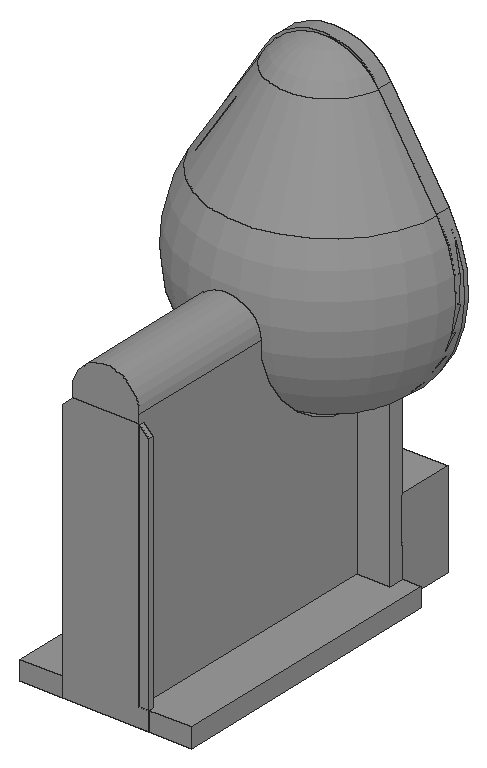
Revit family "ETW-1490-FM-FA_Toilet-Willoughby-1490-ETW-FM-BS", category Plumbing Fixtures, host Face, Revit 2015
Parameters (values of type "Standard")
  Waste DIA = 2 1/4"
  Waste Connection = yes
  W-RAD [instance] = Waste DIA / 2  # 0' - 1 1/8"
  Vent Connection = no
  URL = "www.willoughby-ind.com"
  Type Comments = "Blow Out Flush"
  Revision = "A"
  Model = "ETW-1490-FM-BS-FA-1.28"
  Manufacturer = "Willoughby Industries"
  HW Connection = no
  Flush inlet DIA = 1 1/2"
  Flush Inlet Connection = yes
  Fixture Body = Stainless Steel AISI 304-Willoughby
  F-RAD [instance] = Flush inlet DIA / 2  # 0' - 0 3/4"
  Description = "Front Access Toilet"
  Default Elevation = 0' - 0"
  Contact Number = "(800) 428-4065"
  CW Connection = no
Reference planes (in)
  plane 1 "Base": y = -16.25
  plane 2: z = 0
  plane 3 "Center": x = 18.31072
  plane 4 "Waste height": y = -4.75
  plane 5: y = -1.25
  plane 6: z = -6.75
  plane 7: y = -2.125
  plane 8: y = -14.0625
  plane 9: y = 0.5
  plane 10: x = 16.56072
  plane 11: x = 20.06072
  plane 12: x = 11.56072
  plane 13: x = 25.06072
Forms (in)
  Extrusion 1, solid, material "Stainless Steel AISI 304-Willoughby" <- "Fixture Body"
    sketch origin (16.08109, 7.47968, -7.1422) x (-1, 0, 0) y (0, 0, -1)
      loop
        line (1.29775, -16.80087) -> (1.29775, -7.1422) -> (-5.72963, -7.1422) -> (-5.72963, -16.81676)
        arc (-5.72963, -16.81676) -> (-8.98136, -21.11843) -> (-8.21015, -26.45542) r 7
        line (-8.21015, -26.45542) -> (-5.16818, -31.31054)
        arc (-5.16818, -31.31054) -> (-2.20225, -32.95225) -> (0.76368, -31.31054) r 3.5
        line (0.76368, -31.31054) -> (3.80565, -26.45542)
        arc (3.80565, -26.45542) -> (4.5729, -21.10311) -> (1.29775, -16.80087) r 7
      loop
        arc (2.03989, -24.70557) -> (-2.20225, -18.23804) -> (-6.44438, -24.70557) r 4.625
        line (-6.44438, -24.70557) -> (-4.04125, -30.23842)
        arc (-4.04125, -30.23842) -> (-2.20225, -31.45225) -> (-0.36324, -30.23842) r 2
        line (-0.36324, -30.23842) -> (2.03989, -24.70557)
    from 8.72968 to 9.5
  Revolve 2, solid, material "Stainless Steel AISI 304-Willoughby" <- "Fixture Body"
    sketch origin (19.37246, -1.52032, -3.93826) x (-1, 0, 0) y (0, 0, -1)
      loop
        line (1.06174, -12.59906) -> (1.06174, -12.84906)
        arc (1.06174, -12.84906) -> (6.96784, -16.33096) -> (6.78077, -23.18447) r 6.75
        line (6.78077, -23.18447) -> (3.81535, -27.91457)
        arc (3.81535, -27.91457) -> (2.63527, -29.03194) -> (1.06174, -29.43826) r 3.25
        line (1.06174, -29.43826) -> (1.06174, -29.68826)
        arc (1.06174, -29.68826) -> (2.75672, -29.25045) -> (4.02767, -28.04656) r 3.5
        line (4.02767, -28.04656) -> (7.06964, -23.19143)
        arc (7.06964, -23.19143) -> (7.15052, -16.14555) -> (1.06174, -12.59906) r 7
      axis (1.06174, -12.59906) -> (1.06174, -29.68826)
    angle from 0 to -180
  Extrusion 3, solid, material "Stainless Steel AISI 304-Willoughby" <- "Fixture Body"
    sketch origin (19.53334, -3.02032, -4.9508) x (0, 1, 0) y (0, 0, 1)
      loop
        line (-5.27082, 4.9508) -> (1, 4.9508) -> (1, 13.76086)
        arc (1, 13.76086) -> (-2.93256, 15.26109) -> (-5.27082, 18.76086) r 6.92744
        line (-5.27082, 18.76086) -> (-5.27082, 4.9508)
    from 0.52738 to -2.97262
  Extrusion 4, solid, material "Stainless Steel AISI 304-Willoughby" <- "Fixture Body"
    sketch origin (0, 14.59309, -3) x (1, 0, 0) y (0, 1, 0)
      loop
        circle (18.31072, -19.34309) r 1.125
    from 5.5 to 3
  Extrusion 5, solid, material "Stainless Steel AISI 304-Willoughby" <- "Fixture Body"
    sketch origin (18.31072, 0, -1) x (0, 1, 0) y (0, 0, 1)
      loop
        line (-1.25, 1) -> (1.75, 1) -> (1.75, 6) -> (-1.25, 6) -> (-1.25, 1)
    from -3.52738 to 3.5
  Extrusion 6, solid, material "Stainless Steel AISI 304-Willoughby" <- "Fixture Body"
    sketch origin (0, 0, 0) x (1, 0, 0) y (0, 1, 0)
      loop
        circle (18.31072, 0.5) r 0.75
    from 1.50521 to 0
  Extrusion 7, solid, material "Stainless Steel AISI 304-Willoughby" <- "Fixture Body"
    sketch origin (0, -16.25, 0) x (1, 0, 0) y (0, 0, 1)
      loop
        line (22.81072, 0) -> (22.81072, 1) -> (13.81072, 1) -> (13.81072, 0) -> (22.81072, 0)
    from -15 to 0
  Extrusion 8, solid, material "Stainless Steel AISI 304-Willoughby" <- "Fixture Body"
    sketch origin (0, -16.25, 0) x (1, 0, 0) y (0, 0, 1)
      loop
        line (20.06072, 0) -> (20.06072, 14.68252)
        arc (20.06072, 14.68252) -> (18.31072, 16.43252) -> (16.56072, 14.68252) r 1.75
        line (16.56072, 14.68252) -> (16.56072, 0) -> (20.06072, 0)
    from 0 to -7.95886
  Extrusion 9, solid, material "Stainless Steel AISI 304-Willoughby" <- "Fixture Body"
    sketch origin (0, -16.25, 0) x (1, 0, 0) y (0, 0, 1)
      loop
        line (20.06072, 0) -> (20.56072, 0) -> (20.56072, 13.75) -> (20.06072, 14.25) -> (16.56072, 14.25) -> (16.06072, 13.75) -> (16.06072, 0) -> (16.56072, 0) -> (20.06072, 0)
    from 0 to -0.25
Cuts and joins
  joined: Extrusion 3, Extrusion 5, Extrusion 7, Extrusion 8
Lines and regions (in)
  symbolic lines
    curve 1: line (13.81072, -16.25, 0) -> (13.81072, -1.25, 0)
    curve 2: line (22.81072, -16.25, 0) -> (22.81072, -1.25, 0)
    curve 3: line (13.81072, -16.25, 0) -> (22.81072, -16.25, 0)
    curve 4: line (11.28334, -2.02032, 0) -> (11.28334, -1.25, 0)
    curve 5: line (11.28334, -1.25, 0) -> (25.28334, -1.25, 0)
    curve 6: line (25.28334, -1.25, 0) -> (25.28334, -2.02032, 0)
    curve 7: line (14.78334, -1.25, 0) -> (14.78334, 1.75, 0)
    curve 8: line (14.78334, 1.75, 0) -> (21.81072, 1.75, 0)
    curve 9: line (21.81072, 1.75, 0) -> (21.81072, -1.25, 0)
    curve 10: arc (25.28334, -2.02032, 0) -> (23.08185, -6.64916, 0) -> (18.31072, -8.52239, 0) r 6.97293
    curve 11: arc (18.31072, -8.52239, 0) -> (13.52793, -6.64299, 0) -> (11.28334, -2.02032, 0) r 7.06571
    curve 12: line (16.56072, -8.2982, 0) -> (16.56072, -16.25, 0)
    curve 13: line (20.06072, -16.25, 0) -> (20.06072, -8.30327, 0)
    curve 18: line (13.81072, -16.25, 0) -> (22.81072, -16.25, 0)
    curve 19: line (22.81072, -16.25, 0) -> (22.81072, -16.25, 1)
    curve 20: line (22.81072, -16.25, 1) -> (21.81072, -16.25, 1)
    curve 21: line (21.81072, -16.25, 0) -> (21.81072, -16.25, 9.67456)
    curve 22: line (14.78334, -16.25, 0) -> (14.78334, -16.25, 9.65867)
    curve 23: line (14.78334, -16.25, 1) -> (13.81072, -16.25, 1)
    curve 24: line (13.81072, -16.25, 1) -> (13.81072, -16.25, 0)
    curve 25: line (21.81072, -16.25, 5) -> (14.78334, -16.25, 5)
    curve 26: arc (21.81072, -16.25, 9.67456) -> (25.06245, -16.25, 13.97624) -> (24.29124, -16.25, 19.31322) r 7
    curve 27: line (24.29124, -16.25, 19.31322) -> (21.24927, -16.25, 24.16835)
    curve 28: arc (21.24927, -16.25, 24.16835) -> (19.98923, -16.25, 25.34792) -> (18.31072, -16.25, 25.75) r 3.37397
    curve 29: arc (18.31072, -16.25, 25.75) -> (16.62783, -16.25, 25.31163) -> (15.31741, -16.25, 24.16835) r 3.79331
    curve 30: line (15.31741, -16.25, 24.16835) -> (12.35249, -16.25, 19.43905)
    curve 31: arc (12.35249, -16.25, 19.43905) -> (11.49002, -16.25, 14.03241) -> (14.78334, -16.25, 9.65867) r 7
    curve 37: line (18.31072, -8.45513, 16.43593) -> (18.31072, -16.25, 16.43593)
    curve 38: line (18.31072, -16.25, 16.43593) -> (18.31072, -16.25, 0)
    curve 39: line (18.31072, -16.25, 0) -> (18.31072, 1.75, 0)
    curve 40: line (18.31072, 1.75, 0) -> (18.31072, 1.75, 5)
    curve 41: line (18.31072, 1.75, 5) -> (18.31072, -1.25, 5)
    curve 42: line (18.31072, -1.25, 5) -> (18.31072, -1.25, 25.81005)
    curve 43: line (18.31072, -1.25, 25.81005) -> (18.31072, -2.02032, 25.81005)
    curve 44: arc (18.31072, -2.02032, 25.81005) -> (18.31072, -3.17426, 25.3587) -> (18.31072, -4.14211, 24.58504) r 4.1253
    curve 45: line (18.31072, -4.14211, 24.58504) -> (18.31072, -7.52822, 19.25317)
    curve 46: arc (18.31072, -7.52822, 19.25317) -> (18.31072, -8.16721, 17.9023) -> (18.31072, -8.45513, 16.43593) r 6.04234
    curve 47: arc (18.31072, -8.45513, 16.43593) -> (18.31072, -8.2983, 15.12766) -> (18.31072, -8.29114, 13.81005) r 11.57712
    curve 48: arc (18.31072, -8.29114, 13.81005) -> (18.31072, -5.95289, 10.31029) -> (18.31072, -2.02032, 8.81005) r 6.92744
    curve 49: line (18.31072, -1.25, 9.65867) -> (18.31072, -2.02032, 9.65867)
    curve 50: line (18.31072, -2.02032, 9.65867) -> (18.31072, -2.02032, 1)
    curve 51: line (18.31072, -2.02032, 1) -> (18.31072, -16.25, 1)
  symbolic lines, detail levels medium+fine
    curve 14: line (20.06072, -16, 0) -> (20.56072, -16, 0)
    curve 15: line (20.56072, -16, 0) -> (20.56072, -16.25, 0)
    curve 16: line (16.56072, -16, 0) -> (16.06072, -16, 0)
    curve 17: line (16.06072, -16, 0) -> (16.06072, -16.25, 0)
  symbolic lines, detail levels fine
    curve 32: arc (14.0412, -16.25, 17.56337) -> (18.28334, -16.25, 11.09585) -> (22.52547, -16.25, 17.56337) r 4.625
    curve 33: line (22.52547, -16.25, 17.56337) -> (20.12234, -16.25, 23.09622)
    curve 34: arc (20.12234, -16.25, 23.09622) -> (19.38317, -16.25, 23.97635) -> (18.28334, -16.25, 24.31005) r 2.01767
    curve 35: arc (18.28334, -16.25, 24.31005) -> (17.17969, -16.25, 23.98213) -> (16.44433, -16.25, 23.09622) r 1.9827
    curve 36: line (16.44433, -16.25, 23.09622) -> (14.0412, -16.25, 17.56337)
Dimensions and locks (in)
  locked: plane 1 "Base" to plane 4 "Waste height" at 11.5
  locked: plane 1 "Base" to plane 5 at 15
  locked: plane 1 "Base" to plane 9 at 16.75
  locked: cut or joined group of Extrusion 3, Extrusion 5, Extrusion 7, Extrusion 8 to cut or joined group of Extrusion 3, Extrusion 5, Extrusion 7, Extrusion 8 at 9
  radius of Extrusion 4 sketch curve = 0' - 1 1/8"
  "F-RAD": radius of Extrusion 6 sketch curve
  aligned and locked: plane 2 to host face
  aligned and locked: level to host face
  aligned and locked: plane 3 "Center" to Extrusion 4 sketch curve
  aligned and locked: plane 4 "Waste height" to Extrusion 4 sketch curve
  aligned and locked: plane 9 to Extrusion 6 sketch curve
  aligned and locked: plane 3 "Center" to Extrusion 6 sketch curve
  aligned and locked: cut or joined group of Extrusion 3, Extrusion 5, Extrusion 7, Extrusion 8 to Extrusion 1
  aligned and locked: Extrusion 1 to Extrusion 4
Automatic sketch dimensions
  host sketch curve to host sketch curve = 3' - 1.13155"
  host sketch curve to host sketch curve = 2' - 10.84193"
  Extrusion 1 sketch curve to Extrusion 1 sketch curve = 0' - 0"  (x8)
  Extrusion 1 sketch curve to level = 0' - 0"
  plane 3 "Center" to Extrusion 1 sketch curve = 0' - 5.98052"
  Extrusion 1 sketch curve to Extrusion 1 sketch curve = 0' - 1.76576"  (x2)
  plane 3 "Center" to Extrusion 1 sketch curve = 0' - 3 1/2"
  plane 3 "Center" to Extrusion 1 sketch curve = 0' - 2.93855"
  Extrusion 1 sketch curve to Extrusion 1 sketch curve = 0' - 1.12693"  (x2)
  Extrusion 1 sketch curve to plane 3 "Center" = 0' - 0.02738"  (x2)
  Extrusion 1 sketch curve to plane 3 "Center" = 0' - 1.86639"
  Extrusion 1 sketch curve to plane 3 "Center" = 0' - 3.52738"
  Extrusion 1 sketch curve to plane 3 "Center" = 0' - 4 69/256"
  Extrusion 1 sketch curve to Extrusion 1 sketch curve = 0' - 9.65867"
  Extrusion 1 sketch curve to Extrusion 1 sketch curve = 0' - 0.01589"
  Extrusion 1 sketch curve to Extrusion 1 sketch curve = 0' - 6.06218"
  Extrusion 1 sketch curve to Extrusion 1 sketch curve = 0' - 1.74985"
  Extrusion 1 sketch curve to Extrusion 1 sketch curve = 0' - 4.74668"
  Extrusion 1 sketch curve to Extrusion 1 sketch curve = 0' - 0.78617"
  Extrusion 1 sketch curve to Extrusion 1 sketch curve = 0' - 1.07212"
  Revolve 2 sketch curve to Revolve 2 sketch curve = 0' - 0"  (x2)
  Revolve 2 sketch curve to plane 3 "Center" = 0' - 0"  (x3)
  plane 3 "Center" to Revolve 2 sketch curve = 0' - 0"
  Revolve 2 sketch curve to plane 3 "Center" = 0' - 2.75361"
  Revolve 2 sketch curve to Revolve 2 sketch curve = 0' - 0.21232"
  Revolve 2 sketch curve to Revolve 2 sketch curve = 0' - 2.96542"
  Revolve 2 sketch curve to Revolve 2 sketch curve = 0' - 0.28887"
  level to Revolve 2 sketch curve = 2' - 1 3/4"
  Revolve 2 sketch curve to Revolve 2 sketch curve = 0' - 0 1/4"
  Revolve 2 sketch curve to Revolve 2 sketch curve = 0' - 1.3917"
  Revolve 2 sketch curve to Revolve 2 sketch curve = 0' - 0.13199"
  Revolve 2 sketch curve to Revolve 2 sketch curve = 0' - 4.85513"
  Revolve 2 sketch curve to Revolve 2 sketch curve = 0' - 0.00696"
  Revolve 2 sketch curve to Revolve 2 sketch curve = 0' - 3 1/4"
  Revolve 2 sketch curve to Revolve 2 sketch curve = 0' - 3.3392"
  Revolve 2 sketch curve to Revolve 2 sketch curve = 0' - 2.4108"
  Extrusion 3 sketch curve to level = 0' - 0"
  plane 4 "Waste height" to Extrusion 3 sketch curve = 0' - 3.54114"
  plane 7 to Extrusion 3 sketch curve = 0' - 0.10468"
  plane 5 to Extrusion 3 sketch curve = 0' - 0.38413"
  Extrusion 3 sketch curve to Extrusion 3 sketch curve = 0' - 8.81005"
  Extrusion 3 sketch curve to Extrusion 3 sketch curve = 0' - 5"
  Extrusion 5 sketch curve to level = 0' - 0"
  Extrusion 5 sketch curve to plane 5 = 0' - 0"
  Extrusion 5 sketch curve to plane 9 = 0' - 1 1/4"
  level to Extrusion 5 sketch curve = 0' - 5"
  Extrusion 7 sketch curve to level = 0' - 0"
  level to Extrusion 7 sketch curve = 0' - 1"
  plane 12 to Extrusion 7 sketch curve = 0' - 2 1/4"
  Extrusion 7 sketch curve to plane 13 = 0' - 2 1/4"
  Extrusion 8 sketch curve to level = 0' - 0"
  Extrusion 8 sketch curve to plane 11 = 0' - 0"
  level to Extrusion 8 sketch curve = 1' - 2.68252"
  plane 10 to Extrusion 8 sketch curve = 0' - 0"
  Extrusion 9 sketch curve to level = 0' - 0"
  Extrusion 9 sketch curve to plane 10 = 0' - 0"  (x2)
  Extrusion 9 sketch curve to plane 11 = 0' - 0"  (x2)
  Extrusion 9 sketch curve to Extrusion 9 sketch curve = 0' - 0 1/2"  (x2)
  plane 11 to Extrusion 9 sketch curve = 0' - 0 1/2"
  level to Extrusion 9 sketch curve = 1' - 1 3/4"
  Extrusion 9 sketch curve to Extrusion 9 sketch curve = 0' - 0"
  plane 5 to curve 5 = 0' - 0"
  plane 1 "Base" to curve 17 = 0' - 0"
  curve 16 to plane 10 = 0' - 0"
  curve 11 to plane 3 "Center" = 0' - 0"
  curve 10 to plane 3 "Center" = 0' - 0"
  curve 13 to plane 11 = 0' - 0"
  curve 8 to plane 10 = 0' - 1.77738"
  plane 12 to curve 1 = 0' - 2 1/4"
  plane 7 to curve 4 = 0' - 0.10468"
  curve 4 to plane 12 = 0' - 0.27738"
  plane 3 "Center" to curve 10 = 0' - 0 1/64"
  plane 3 "Center" to curve 11 = 0' - 0.01581"
  curve 14 to curve 14 = 0' - 0 1/2"
  plane 11 to curve 8 = 0' - 1 3/4"
  curve 3 to plane 13 = 0' - 2 1/4"
  curve 2 to curve 5 = 0' - 2.47262"
  curve 15 to curve 14 = 0' - 0 1/4"
  plane 7 to curve 6 = 0' - 0.10468"
  curve 8 to plane 9 = 0' - 1 1/4"
  curve 16 to plane 1 "Base" = 0' - 0 1/4"
  curve 16 to plane 10 = 0' - 0 1/2"
  curve 26 to curve 31 = 0' - 0"
  curve 26 to curve 32 = 0' - 0"  (x2)
  curve 31 to curve 32 = 0' - 0"
  curve 24 to level = 0' - 0"
  curve 28 to plane 3 "Center" = 0' - 0"
  curve 29 to plane 3 "Center" = 0' - 0"
  curve 32 to plane 3 "Center" = 0' - 0.02738"
  curve 35 to plane 3 "Center" = 0' - 0.03882"
  curve 34 to curve 35 = 0' - 0.0002"
  curve 30 to plane 10 = 0' - 1.24331"
  curve 22 to plane 10 = 0' - 1.77738"
  curve 18 to curve 22 = 0' - 0.97262"
  plane 12 to curve 30 = 0' - 0.79177"
  plane 3 "Center" to curve 28 = 0' - 0.07942"
  plane 3 "Center" to curve 29 = 0' - 0.08929"
  plane 11 to curve 33 = 0' - 0.06162"
  plane 11 to curve 27 = 0' - 1.18855"
  plane 11 to curve 21 = 0' - 1 3/4"
  plane 11 to curve 33 = 0' - 2.46475"
  curve 20 to curve 19 = 0' - 1"
  curve 27 to plane 13 = 0' - 0.76948"
  curve 18 to curve 19 = 0' - 1"
  curve 18 to curve 24 = 0' - 1"
  curve 23 to curve 22 = 0' - 8.65867"
  curve 22 to curve 21 = 0' - 0.01589"
  curve 22 to curve 31 = 0' - 6.06218"
  curve 33 to curve 26 = 0' - 1.74985"
  curve 33 to curve 29 = 0' - 4.39436"
  curve 29 to curve 34 = 0' - 0.33468"
  curve 34 to curve 35 = 0' - 0.03496"
  curve 35 to curve 28 = 0' - 0.04959"
  curve 33 to curve 27 = 0' - 1.07212"
  curve 35 to curve 34 = 0' - 0"
  curve 36 to plane 10 = 0' - 0.11639"
  plane 12 to curve 32 = 0' - 2 123/256"
  curve 20 to curve 25 = 0' - 4"
  curve 51 to plane 1 "Base" = 0' - 0"
  curve 42 to plane 5 = 0' - 0"
  curve 40 to level = 0' - 0"
  plane 1 "Base" to curve 47 = 0' - 3.6029"
  plane 4 "Waste height" to curve 37 = 0' - 3.70513"
  plane 4 "Waste height" to curve 45 = 0' - 2.77822"
  curve 45 to plane 4 "Waste height" = 0' - 0.60789"
  curve 46 to plane 7 = 0' - 0.30255"
  plane 7 to curve 43 = 0' - 0.10468"
  plane 7 to curve 49 = 0' - 0.10468"
  plane 5 to curve 48 = 0' - 0.38413"
  curve 44 to plane 5 = 0' - 0.13839"
  curve 41 to plane 9 = 0' - 1 1/4"
  level to curve 41 = 0' - 5"
  curve 41 to curve 50 = 0' - 4.65867"
  level to curve 47 = 1' - 2.40606"
  curve 49 to curve 48 = 0' - 6.06805"
  curve 48 to curve 46 = 0' - 0.28717"
  curve 47 to curve 38 = 0' - 2.02987"
  curve 46 to curve 44 = 0' - 5.7722"
  curve 44 to curve 45 = 0' - 2.79895"
  curve 47 to curve 48 = 0' - 0.16399"
  level to curve 51 = 0' - 1"
  Extrusion 4 sketch curve to plane 3 "Center" = 0' - 0"
Connectors (in)
  piping at (18.31072, -4.75, 0), diameter 2.25, driven by "W-RAD", driven by "Waste Connection"
    settings: on Extrusion 4, index 1, connector inside diameter 2 1/2", connector length 0' - 0", flow factor 0, pipe flow 0 GPM, pressure drop 0.00 psi, fitting loss kfactor 0, connector angle 0.00°, fixture units 0, engagement length 0' - 0", angle of deflection 0.00°, flow configuration 0, flow direction 2, fitting loss method 0, system type 16, joint type 0, gender type 0, connector reference index -1, connector utility 1, adjustable connector yes, is connector primary yes, connector description "Toilet Waste"
  piping at (18.31072, 0.5, 0), diameter 1.5, driven by "F-RAD", driven by "Flush Inlet Connection"
    settings: on Extrusion 6, index 2, connector inside diameter 1 1/2", connector length 0' - 0", flow factor 0, pipe flow 0 GPM, pressure drop 0.00 psi, fitting loss kfactor 0, connector angle 0.00°, fixture units 0, engagement length 0' - 0", angle of deflection 0.00°, flow configuration 0, flow direction 1, fitting loss method 0, system type 20, joint type 0, gender type 0, connector reference index -1, connector utility 1, adjustable connector no, is connector primary no, connector description "Flush Inlet"
